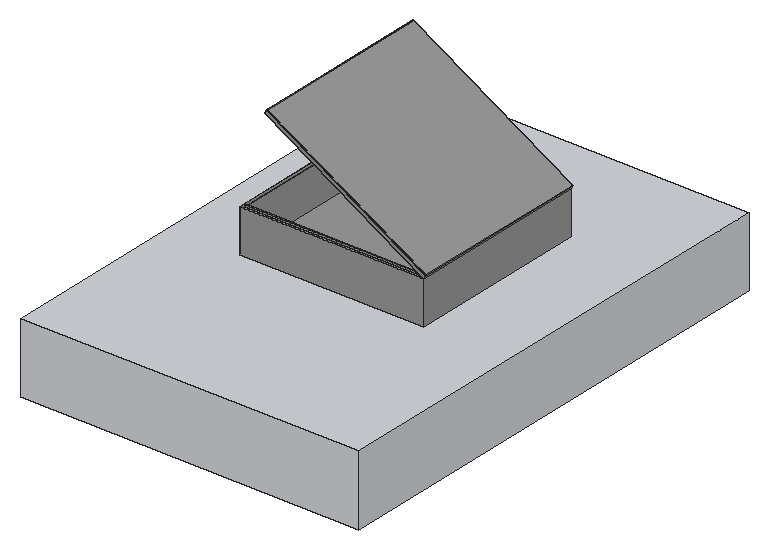
Revit family "Hager-Univers-IP54-D205-H800-Cl.II-Encl-PL-en", category Equipement électrique, Revit 2020
Family settings
  Hôte = Face
  Configuration du panneau = Deux colonnes, circuits au sein
  Cote de connecteur circulaire = Utiliser le diamètre
  Type d'élément = Tableau de raccordement
  Couper avec des vides une fois chargée = Non
  Partagée = Non
  Point de calcul de pièce = Non
Parameters (values of type "Surface mounted (plaster) IP54 W800 H800 D205  - FP53SW2")
  Width Control [instance] = if([EF000008 - Width] > Min Width, [EF000008 - Width], Min Width)  # 800 mm
  Commentaires du type = [HG000003 - Range]  # "Univers"
  Thickness Door [instance] = if([EF009171 - Material plate thickness door/cover] > 3 mm, 3 mm, [EF009171 - Material plate thickness door/cover])  # 1 mm
  Seal Frame Offset [instance] = 17 mm  # constant formula
  Plinth Visibility [instance] = [HG000027 - Plinth height] > 0 mm  # no
  Model = ""
  Min Width [instance] = 100 mm  # constant formula
  Min Height [instance] = 100 mm  # constant formula
  Min Depth [instance] = (2 * [EF009170 - Material plate thickness cabinet]) + 1 mm  # 3 mm
  Internal Frame Depth [instance] = (Door System Depth * 0.5)  # 9 mm
  Height Control [instance] = if([EF000040 - Height] > Min Height, [EF000040 - Height], Min Height)  # 800 mm
  HG000027 - Plinth height = 0 mm
  HG000026 - Floor standing = no
  HG000024 - Bottom section height = 800 mm
  HG000023 - Double section enclosure = no
  HG000016 - Door 3d visibility [instance] = yes
  HG000015 - Clearance visibility [instance] = no
  HG000014 - Door on the right [instance] = yes
  HG000013 - Door on the left [instance] = not([HG000014 - Door on the right])  # no
  HG000012 - Door swing angle [instance] = 30.00°
  HG000010 - Asymmetric doors = no
  HG000009 - Double swing door = no
  HG000006 - Flush mounted = no
  HG000004 - Manufacturer reference = "FP53SW2"
  HG000003 - Range = "Univers"
  HG000002 - With door or cover = yes
  Frame Offset Bottom [instance] = 10 mm  # constant formula
  Frame Offset [instance] = 15 mm  # constant formula
  EF015940 - Cover with overpressure release = no
  EF011959 - Degree of protection (NEMA) = ""
  EF009554 - Number of openings for flange plates = 6
  EF009212 - Cover model = "EV000116 - Closed"
  EF009171 - Material plate thickness door/cover = 1 mm
  EF009170 - Material plate thickness cabinet = 1 mm
  Fabricant = "Hager"  # constant formula
  EF008873 - Nominal current (In) = 250 A
  EF007800 - Suitable for lightning protection = no
  EF006306 - With lock = no
  EF006244 - Transparent cover/door = no
  EF005474 - Degree of protection (IP) = "EV006419 - IP54"
  EF004464 - Type of door = "EV002646 - Single"
  EF004427 - Number of modules = 180
  EF004293 - Impact strength = "EV006815 - IK09"
  EF003532 - Suitable for outdoor use = no
  EF002950 - Width in number of modular spacings = 36
  EF001613 - Circuit integrity = "EV000494 - None"
  EF001596 - Material housing = "EV000179 - Steel"
  EF001131 - Internal depth = 130 mm
  EF001088 - Extension possible = yes
  EF000437 - Number of conduit inlets = 6
  EF000339 - Type of cover = "EV004216 - Door"
  EF000266 - Number of rows = 5
  EF000218 - Built-in depth = 205 mm
  EF000118 - With mounting plate = no
  EF000116 - RAL-number = "9010"
  EF000049 - Depth = 205 mm
  EF000040 - Height = 800 mm
  EF000008 - Width = 800 mm
  EF000007 - Colour = "EV000202 - White"
  EF000003 - Mounting method = "EV000384 - Surface mounted (plaster)"
  Door System Leaf Tolerance [instance] = 1.5 mm  # constant formula
  Door System Depth [instance] = 18 mm  # constant formula
  Door Height [instance] = Height Control - [HG000027 - Plinth height]  # 800 mm
  Depth Control [instance] = if([EF000049 - Depth] > Min Depth, [EF000049 - Depth], Min Depth)  # 205 mm
  Default Elevation = 0 mm
  Connector Offset [instance] = Height Control / 2  # 400 mm
  Bottom Top Plate Trim [instance] = 1.5 mm  # constant formula
  Plinth height Ctrl [instance] = if([HG000027 - Plinth height] > 0 mm, [HG000027 - Plinth height], 12 mm)  # 12 mm
Types (5, lengths in mm): name | Width Control | HG000010 - Asymmetric doors | HG000009 - Double swing door | HG000004 - Manufacturer reference | EF009554 - Number of openings for flange plates | EF004464 - Type of door | EF004427 - Number of modules | EF002950 - Width in number of modular spacings | EF000437 - Number of conduit inlets | EF000339 - Type of cover | EF000008 - Width
  Surface mounted (plaster) IP54 W1050 H800 D205  - FP54SW2 | 1050 | no | yes | "FP54SW2" | 8 | "EV003602 - Double" | 240 | 48 | 8 | "EV004216 - Door" | 1050
  Surface mounted (plaster) IP54 W1300 H800 D205  - FP55SW2 | 1300 | yes | yes | "FP55SW2" | 10 | "EV003602 - Double" | 300 | 60 | 10 | "EV004216 - Door" | 1300
  Surface mounted (plaster) IP54 W300 H800 D205  - FP51SW2 | 300 | no | no | "FP51SW2" | 2 | "EV002646 - Single" | 60 | 12 | 2 | "EV001012 - Cover" | 300
  Surface mounted (plaster) IP54 W550 H800 D205  - FP52SW2 | 550 | no | no | "FP52SW2" | 4 | "EV002646 - Single" | 120 | 24 | 4 | "EV001012 - Cover" | 550
  Surface mounted (plaster) IP54 W800 H800 D205  - FP53SW2 | 800 | no | no | "FP53SW2" | 6 | "EV002646 - Single" | 180 | 36 | 6 | "EV004216 - Door" | 800
Reference planes
  plane 1 "Center (Front/Back)": y = 0
  plane 2: z = 0
  plane 3 "Center (Left/Right)": x = 0
  plane 4: z = 205
  plane 5: y = 1
  plane 6: y = 400
  plane 7: y = 0
  plane 8: y = 800
  plane 9: z = 0
  plane 10: x = -385
  plane 11: x = 385
  plane 12: x = 384
  plane 13: x = -384
  plane 14: y = 799
  plane 15: x = -383
  plane 16: x = -400
  plane 17: x = 383
  plane 18: x = 400
  plane 19: x = 399
  plane 20: x = -399
  plane 21: y = 11
  plane 22: y = 800
  plane 23: y = 784
  plane 24: z = 187
  plane 25: z = 1
  plane 26: z = 186
  plane 27: z = 204
Forms (mm)
  Extrusion 1, solid
    sketch origin (0, 0, 0) x (1, 0, 0) y (0, 1, 0)
      loop
        line (-702.964, 1305) -> (-702.964, -811.445) -> (766.763, -811.445) -> (766.763, 1305) -> (-702.964, 1305)
    from 0 to -304.8
  Extrusion 2, solid, material "Hager_Steel_RAL7035_Light_Grey", visible <- "Plinth Visibility", detail levels medium+fine
    sketch origin (0, 0, 0) x (1, 0, 0) y (0, 1, 0)
      loop
        line (-400, 0) -> (400, 0) -> (400, 12) -> (-400, 12) -> (-400, 0)
    from 0 to 187
  Extrusion 3, solid, material "Hager_Steel_RAL7035_Light_Grey", detail levels medium+fine
    sketch origin (0, 0, 0) x (1, 0, 0) y (0, 1, 0)
      loop
        line (-400, 0) -> (400, 0) -> (400, 800) -> (-400, 800) -> (-400, 0)
    from 0 to 187
  Extrusion 4, void
    sketch origin (0, 0, 0) x (1, 0, 0) y (0, 1, 0)
      loop
        line (-399, 1) -> (399, 1) -> (399, 799) -> (-399, 799) -> (-399, 1)
    from 1 to 186
  Extrusion 5, void
    sketch origin (-381.607, -4572, 187) x (0, -1, 0) y (-1, 0, 0)
      loop
        line (-4583, 2.393) -> (-5356, 2.393) -> (-5356, -765.607) -> (-4583, -765.607) -> (-4583, 2.393)
    from 0 to 1 <- "EF009170 - Material plate thickness cabinet"
  Extrusion 6, solid, material "Hager_Steel_RAL7035_Light_Grey", detail levels fine
    sketch origin (0, 0, 187) x (1, 0, 0) y (0, 1, 0)
      loop
        line (-384, 784) -> (-384, 11) -> (384, 11) -> (384, 784) -> (-384, 784)
      loop
        line (-385, 10) -> (385, 10) -> (385, 785) -> (-385, 785) -> (-385, 10)
    from 0 to 9 <- "Internal Frame Depth"
  Extrusion 7, solid, material "Hager_Steel_RAL7035_Light_Grey", detail levels coarse
    sketch origin (0, 0, 0) x (1, 0, 0) y (0, 1, 0)
      loop
        line (-400, 0) -> (400, 0) -> (400, 800) -> (-400, 800) -> (-400, 0)
    from 0 to 205
  Sweep 8, void
    path in 3D
      loop
        line (-400, 12, 0) -> (400, 12, 0) -> (400, 12, 187) -> (-400, 12, 187) -> (-400, 12, 0)
    profile origin (-400, 12, 93.5) x (-1, 0, 0) y (0, -1, 0)
      loop
        line (0, 0) -> (0, 1.5) -> (-1.5, 1.5)
        arc (-1.5, 1.5) -> (-1.061, 0.439) -> (0, 0) r 1.5
Cuts and joins
  Extrusion 4, Extrusion 5 cuts Extrusion 3
  Sweep 8 cuts Extrusion 2
Lines and regions (mm)
  Masking region 1
    outline origin (0, 0, 0) x (1, 0, 0) y (0, 0, 1)
      loop
        line (-400, 205) -> (-400, 0) -> (400, 0) -> (400, 205) -> (-400, 205)
  Masking region 2, detail levels medium+fine
    outline origin (0, 140, 0) x (0, 1, 0) y (0, 0, 1)
      loop
        line (-140, 0) -> (660, 0) -> (660, 187) -> (-140, 187) -> (-140, 0)
  Masking region 3, not visible, detail levels medium+fine
    outline origin (0, 297.922, 0) x (0, 1, 0) y (0, 0, 1)
      loop
        line (113.578, 0) -> (153.578, 0) -> (153.578, 194)
        arc (153.578, 194) -> (150.649, 201.071) -> (143.578, 204) r 10
        line (143.578, 204) -> (113.578, 204) -> (113.578, 0)
  Masking region 4, detail levels coarse
    outline origin (0, 0, 180) x (0, 1, 0) y (0, 0, 1)
      loop
        line (0, -180) -> (800, -180) -> (800, 25) -> (0, 25) -> (0, -180)
  Masking region 5, visible <- "Plinth Visibility", detail levels medium+fine
    outline origin (0, 52.24, 12.345) x (0, 0, -1) y (0, 1, 0)
      loop
        line (10.845, -40.24) -> (-173.155, -40.24)
        arc (-173.155, -40.24) -> (-173.594, -41.301) -> (-174.655, -41.74) r 1.5
        line (-174.655, -41.74) -> (-174.655, -52.24) -> (12.345, -52.24) -> (12.345, -41.74)
        arc (12.345, -41.74) -> (11.285, -41.301) -> (10.845, -40.24) r 1.5
  Masking region 6, detail levels medium+fine
    outline origin (-381.607, -4572, 187) x (-1, 0, 0) y (0, -1, 0)
      loop
        line (18.393, -5372) -> (18.393, -4572) -> (-781.607, -4572) -> (-781.607, -5372) -> (18.393, -5372)
  Masking region 7, visible <- "Plinth Visibility", detail levels medium+fine
    outline origin (-381.607, -4727, 187) x (-1, 0, 0) y (0, -1, 0)
      loop
        arc (16.893, -4739) -> (17.332, -4737.939) -> (18.393, -4737.5) r 1.5
        line (18.393, -4737.5) -> (18.393, -4727) -> (-781.607, -4727) -> (-781.607, -4737.5)
        arc (-781.607, -4737.5) -> (-780.546, -4737.939) -> (-780.107, -4739) r 1.5
        line (-780.107, -4739) -> (16.893, -4739)
  Masking region 8, detail levels coarse
    outline origin (-442.548, -4669.526, 187) x (-1, 0, 0) y (0, -1, 0)
      loop
        line (-42.548, -5469.526) -> (-42.548, -4669.526) -> (-842.548, -4669.526) -> (-842.548, -5469.526) -> (-42.548, -5469.526)
  sketch lines
    curve 1: line (-400, 12, 187) -> (-400, 12, 0)
    curve 2: line (400, 12, 187) -> (-400, 12, 187)
    curve 3: line (400, 12, 187) -> (400, 12, 0)
    curve 4: line (-400, 12, 0) -> (400, 12, 0)
Dimensions and locks
  "Depth Control": plane 4 to Extrusion 1
  "HG000027 - Plinth height": plane 1 "Center (Front/Back)" to plane 7
  "EF009170 - Material plate thickness cabinet": plane 5 to plane 7
  locked: connector elem to plane 3 "Center (Left/Right)"
  equal spacing: plane 8, plane 6, plane 7
  locked: connector elem to plane 6
  "EF009170 - Material plate thickness cabinet": plane 8 to plane 14
  "EF009170 - Material plate thickness cabinet": plane 10 to plane 13
  "EF009170 - Material plate thickness cabinet": plane 12 to plane 11
  "Frame Offset": plane 20 to plane 13
  "Frame Offset": plane 12 to plane 19
  "EF009170 - Material plate thickness cabinet": plane 16 to plane 20
  "EF009170 - Material plate thickness cabinet": plane 19 to plane 18
  "Seal Frame Offset": plane 16 to plane 15
  "Seal Frame Offset": plane 17 to plane 18
  "Frame Offset Bottom": plane 21 to plane 5
  "Frame Offset": plane 14 to plane 23
  equal spacing: plane 16, plane 3 "Center (Left/Right)", plane 18
  "Width Control": plane 16 to plane 18
  "EF009170 - Material plate thickness cabinet": plane 4 to plane 27
  "EF009170 - Material plate thickness cabinet": plane 24 to plane 26
  "EF009170 - Material plate thickness cabinet": plane 25 to level
  "Door System Depth": plane 4 to plane 24
  "Height Control": plane 1 "Center (Front/Back)" to Extrusion 7 sketch curve
  "Height Control": Masking region 4 sketch curve to plane 1 "Center (Front/Back)"
  "Height Control": plane 1 "Center (Front/Back)" to plane 22
  "Bottom Top Plate Trim": profile plane to Sweep 8 sketch curve
  "Bottom Top Plate Trim": Sweep 8 sketch curve to profile plane
  "Plinth height Ctrl": plane 1 "Center (Front/Back)" to Extrusion 2 sketch curve
  "Plinth height Ctrl": Masking region 5 sketch curve to plane 1 "Center (Front/Back)"
  "Plinth height Ctrl": plane 1 "Center (Front/Back)" to Masking region 7 sketch curve
  "Thickness Door": Extrusion 6 sketch curve to Extrusion 6 sketch curve  (x3)
  "Thickness Door": cut or joined group of Extrusion 3, Extrusion 4, Extrusion 5 to Extrusion 6 sketch curve
  radius of Masking region 3 sketch curve = 10 mm
  "Bottom Top Plate Trim": radius of Masking region 5 sketch curve  (x2)
  "Bottom Top Plate Trim": radius of Sweep 8 sketch curve
  "Bottom Top Plate Trim": radius of Masking region 7 sketch curve  (x2)
  aligned and locked: plane 2 to Extrusion 1
  aligned and locked: level to Extrusion 1
  aligned and locked: level to Masking region 1 sketch curve
  aligned and locked: Masking region 1 sketch curve to plane 18
  aligned and locked: Masking region 1 sketch curve to plane 16
  aligned and locked: plane 7 to Masking region 2 sketch curve
  aligned and locked: level to Masking region 3 sketch curve
  aligned and locked: Masking region 3 sketch curve to plane 27
  aligned and locked: level to Masking region 2 sketch curve
  aligned and locked: plane 1 "Center (Front/Back)" to Extrusion 2 sketch curve
  aligned and locked: Extrusion 3 sketch curve to plane 7
  aligned and locked: plane 16 to Extrusion 3 sketch curve
  aligned and locked: plane 18 to Extrusion 3 sketch curve
  aligned and locked: plane 20 to Extrusion 4 sketch curve
  aligned and locked: plane 19 to Extrusion 4 sketch curve
  aligned and locked: Extrusion 4 sketch curve to plane 5
  aligned and locked: Extrusion 4 to plane 25
  aligned and locked: plane 26 to Extrusion 4
  aligned and locked: plane 24 to Extrusion 3
  aligned and locked: Extrusion 5 sketch curve to plane 21
  aligned and locked: Extrusion 5 sketch curve to plane 13
  aligned and locked: Extrusion 5 sketch curve to plane 12
  aligned and locked: plane 18 to Extrusion 7 sketch curve
  aligned and locked: plane 1 "Center (Front/Back)" to Extrusion 7 sketch curve
  aligned and locked: plane 16 to Extrusion 7 sketch curve
  aligned and locked: plane 4 to Extrusion 7
  aligned and locked: Extrusion 7 to level
  aligned and locked: level to Masking region 4 sketch curve
  aligned and locked: Masking region 4 sketch curve to plane 1 "Center (Front/Back)"
  aligned and locked: Masking region 4 sketch curve to plane 4
  aligned and locked: nested 1 to level
  aligned and locked: nested 1 to plane 16
  aligned and locked: plane 8 to Extrusion 3 sketch curve
  aligned and locked: plane 23 to Extrusion 5 sketch curve
  aligned and locked: plane 14 to Extrusion 4 sketch curve
  aligned and locked: Masking region 2 sketch curve to plane 8
  aligned and locked: level to Masking region 5 sketch curve
  aligned and locked: plane 16 to Extrusion 2 sketch curve
  aligned and locked: plane 18 to Extrusion 2 sketch curve
  aligned and locked: Masking region 5 sketch curve to plane 24
  aligned and locked: Masking region 2 sketch curve to plane 24
  aligned and locked: plane 24 to Extrusion 2
  aligned and locked: profile plane to Sweep 8 sketch curve  (x2)
  aligned and locked: Masking region 6 sketch curve to plane 18
  aligned and locked: Masking region 6 sketch curve to plane 22
  aligned and locked: Masking region 6 sketch curve to plane 16
  aligned and locked: plane 8 to plane 22
  aligned and locked: Masking region 6 sketch curve to plane 7
  aligned and locked: Masking region 7 sketch curve to plane 16
  aligned and locked: Masking region 7 sketch curve to plane 1 "Center (Front/Back)"
  aligned and locked: Masking region 7 sketch curve to plane 18
  aligned and locked: Masking region 8 sketch curve to plane 1 "Center (Front/Back)"
  aligned and locked: Masking region 8 sketch curve to plane 18
  aligned and locked: Masking region 8 sketch curve to plane 22
  aligned and locked: Masking region 8 sketch curve to plane 16
  aligned and locked: nested 2 to plane 7
  aligned and locked: plane 3 "Center (Left/Right)" to nested 2
  aligned and locked: nested 2 to plane 24
  aligned and locked: Extrusion 6 sketch curve to cut or joined group of Extrusion 3, Extrusion 4, Extrusion 5  (x4)
Automatic sketch dimensions
  Extrusion 1 sketch curve to Extrusion 1 sketch curve = 1469.727 mm
  Extrusion 1 sketch curve to Extrusion 1 sketch curve = 2116.445 mm
  Masking region 1 sketch curve to plane 4 = 0 mm
  plane 6 to Masking region 3 sketch curve = 11.5 mm
  Masking region 3 sketch curve to Masking region 3 sketch curve = 30 mm
  Masking region 5 sketch curve to plane 1 "Center (Front/Back)" = 0 mm
Nested families
  nested 1: "Hager_Enclosure_Symbol" at (-400, 0, 0) x (1, 0, 0) z (0, -1, 0), Height <- "Depth Control", Width <- "Width Control", type "Hager_Enclosure_Symbol"
    with Width_Ctrl 800 mm, Width 800 mm, Height_Ctrl 205 mm, Height 205 mm, A_Width_Int 13.453 mm, A_Width 161.438 mm, A_Height_Ctrl 179.375 mm, A_Height 179.375 mm
  nested 2: "EC000058_Univers_Door" at (0, 0, 187) x (1, 0, 0) z (0, 1, 0), Leaf_Tolerance <- "Door System Leaf Tolerance", Angle <- "HG000012 - Door swing angle", Door_Depth <- "Door System Depth", Door_Left <- "HG000013 - Door on the left", Transparent <- "EF006244 - Transparent cover/door", Assymetrical <- "HG000010 - Asymmetric doors", Width <- "Width Control", Clearance <- "HG000015 - Clearance visibility", Double <- "HG000009 - Double swing door", 3d_Door <- "HG000016 - Door 3d visibility", Lock_Visibility <- "EF006306 - With lock", Width_Ctrl <- "Width Control", Door_Right <- "HG000014 - Door on the right", Door <- "HG000002 - With door or cover", Height <- "Door Height", Thickness <- "Thickness Door", type "EC000058_Univers_Door", detail levels medium+fine
    with min_wh 3 mm, Width_Ctrl 800 mm, Width 800 mm, Transparent no, Thickness 1 mm, Seal_Material Hager_Rubber, Lock_Visibility no, Lock_Material Hager_Plastic_RAL9005_Jet_Black, Leaf_Width 800 mm, Leaf_Tolerance_External_Sides 0 mm, Leaf_Tolerance 1.5 mm, Leaf_Offset 0 mm, Leaf_Height 797 mm, Leaf_2_Width 800 mm, Leaf_2_Offset 400 mm, Leaf_1_Width 800 mm, Leaf_1_Offset 400 mm, Height_Ctrl 800 mm, Height 800 mm, Glass_Material Hager_Glass, Double_Clearance_Ctrl no, Double no, Door_Right_Ctrl yes, Door_Right yes, Door_Material Hager_Steel_RAL7035_Light_Grey, Door_Left_Ctrl no, Door_Left no, Door_Depth 18 mm, Door yes, Clearance_Material Hager_Clearance, Clearance_Depth 800 mm, Clearance_Ctrl no, Clearance no, Assymetrical no, Angle 30.00°, 3d_Door yes
Connectors
  electrical at (0, 400, 0)
    settings: on plane 9, index 1, voltage 0 V, apparent load 0 VA, apparent load phase1 0 VA, apparent load phase2 0 VA, apparent load phase3 0 VA, power factor 1, load classification "Other", number of poles 1, system type 30, power factor state 1, is connector primary yes, connector utility no, sub classification motor no, connector description ""
Definition of nested family "EC000058_Univers_Door"
  Parameters (values of type "EC000058_Univers_Door")
    min_wh [instance] = (2 * Thickness) + 1 mm  # 11 mm
    Width_Ctrl [instance] = 400 mm
    Width [instance] = 500 mm
    Transparent [instance] = yes
    Thickness [instance] = 5 mm
    Seal_Material [instance] = none
    Lock_Visibility [instance] = yes
    Lock_Material [instance] = none
    Leaf_Width [instance] = if((Width_Ctrl - 2 * Leaf_Tolerance_External_Sides) > 0 mm, (Width_Ctrl - 2 * Leaf_Tolerance_External_Sides), min_wh)  # 400 mm
    Leaf_Tolerance_External_Sides [instance] = 0 mm  # constant formula
    Leaf_Tolerance [instance] = 1.5 mm
    Leaf_Offset [instance] = 0 mm  # constant formula
    Leaf_Height [instance] = if((Height_Ctrl - 2 * Leaf_Tolerance) > 0 mm, (Height_Ctrl - 2 * Leaf_Tolerance), min_wh)  # 497 mm
    Leaf_2_Width [instance] = if(and(and(Double, Assymetrical), Door_Left), (Leaf_Width / 3) - (Leaf_Tolerance / 2), if(and(and(Double, Assymetrical), Door_Right), (Leaf_Width / 3) * 2 - (Leaf_Tolerance / 2), if(and(Double, not(Assymetrical)), (Leaf_Width / 2) - Leaf_Tolerance, Leaf_Width)))  # 400 mm
    Leaf_2_Offset [instance] = if(and(Double, Assymetrical), Leaf_2_Width / 2, if(and(Double, not(Assymetrical)), Leaf_Width / 4, Leaf_Width / 2))  # 200 mm
    Leaf_1_Width [instance] = if(and(and(Double, Assymetrical), Door_Right), (Leaf_Width / 3) - (Leaf_Tolerance / 2), if(and(and(Double, Assymetrical), Door_Left), (Width / 3) * 2 - (Leaf_Tolerance / 2), if(and(Double, not(Assymetrical)), (Leaf_Width / 2) - Leaf_Tolerance, Leaf_Width)))  # 400 mm
    Leaf_1_Offset [instance] = if(and(Double, Assymetrical), Leaf_1_Width / 2, if(and(Double, not(Assymetrical)), Leaf_Width / 4, Leaf_Width / 2))  # 200 mm
    Height_Ctrl [instance] = if(Height > min_wh, Height, min_wh)  # 500 mm
    Height [instance] = 500 mm
    Glass_Material [instance] = none
    Double_Clearance_Ctrl [instance] = and(Double, Clearance)  # no
    Double [instance] = no
    Door_Right_Ctrl [instance] = and(or(Door_Right, Double), Door)  # yes
    Door_Right [instance] = yes
    Door_Material [instance] = none
    Door_Left_Ctrl [instance] = and(or(Door_Left, Double), Door)  # no
    Door_Left [instance] = no
    Door_Depth [instance] = 30 mm
    Door [instance] = yes
    Default Elevation = 1219.2 mm
    Clearance_Material [instance] = none
    Clearance_Depth [instance] = if(Leaf_1_Width > Leaf_2_Width, Leaf_1_Width, Leaf_2_Width)  # 400 mm
    Clearance_Ctrl [instance] = and(not(Double), Clearance)  # yes
    Clearance [instance] = yes
    Assymetrical [instance] = yes
    Angle [instance] = 30.00°
    3d_Door [instance] = yes
  Reference planes
    plane 1 "Center (Front/Back)": y = 0
    plane 2 "Bottom": z = 0
    plane 3 "Center (Left/Right)": x = 0
    plane 4: z = 500
    plane 5: x = -200
    plane 6: x = 200
    plane 7: z = 500
    plane 8: x = -200
    plane 9: z = 0
    plane 10: x = 200
    plane 11: y = 0
    plane 12: z = 1.5
    plane 13: x = -600
    plane 14: y = -400
    plane 15: x = 600
    plane 16: x = 0
    plane 17: x = 0
    plane 18: x = -200
    plane 19: x = 200
    plane 20: z = 498.5
  Forms (mm)
    Extrusion 1, solid, material <- "Clearance_Material", visible <- "Double_Clearance_Ctrl"
      sketch origin (1200, 0, 0) x (1, 0, 0) y (0, 0, -1)
        loop
          line (-1800, -498.5) -> (-600, -498.5) -> (-600, 0) -> (-1800, 0) -> (-1800, -498.5)
      from 0 to -400
  Dimensions and locks
    equal spacing: plane 5, plane 3 "Center (Left/Right)", plane 6
    "Width_Ctrl": plane 5 to plane 6
    "Leaf_Offset": plane 5 to plane 8
    "Leaf_Offset": plane 6 to plane 10
    "Leaf_Offset": plane 9 to level
    "Leaf_Offset": plane 4 to plane 7
    "Height_Ctrl": plane 4 to level
    "Leaf_Tolerance": plane 12 to plane 9
    locked: plane 11 to plane 1 "Center (Front/Back)"
    "Leaf_1_Offset": plane 18 to plane 16
    "Leaf_2_Offset": plane 17 to plane 19
    "Leaf_1_Width": plane 13 to plane 8
    "Leaf_2_Width": plane 10 to plane 15
    "Clearance_Depth": plane 14 to plane 1 "Center (Front/Back)"
    "Leaf_Tolerance_External_Sides": plane 8 to plane 18
    "Leaf_Tolerance_External_Sides": plane 19 to plane 10
    "Leaf_Tolerance": plane 7 to plane 20
    aligned and locked: level to plane 2 "Bottom"
    aligned and locked: nested 1 to plane 16
    aligned and locked: nested 2 to plane 17
    aligned and locked: Extrusion 1 to plane 13
    aligned and locked: plane 15 to Extrusion 1
    aligned and locked: Extrusion 1 to plane 14
    aligned and locked: plane 12 to nested 1
    aligned and locked: nested 2 to plane 12
    aligned and locked: Extrusion 1 to plane 11
    aligned and locked: plane 20 to Extrusion 1
    aligned and locked: nested 2 to plane 11
    aligned and locked: nested 1 to plane 11
  Automatic sketch dimensions
    Extrusion 1 sketch curve to level = 0 mm
    plane 5 to Extrusion 1 sketch curve = 400 mm
    plane 6 to Extrusion 1 sketch curve = 400 mm
    Extrusion 1 sketch curve to plane 4 = 1.5 mm
  Nested families
    nested 1: "EC000058_Univers_Door_Leaf" at (0, 0, 1.5), Width <- "Leaf_1_Width", visible <- "Door_Left_Ctrl", Leaf_Height <- "Leaf_Height", Angle <- "Angle", 3d_Door <- "3d_Door", Transparent <- "Transparent", Clearance Material <- "Clearance_Material", Clearance <- "Clearance_Ctrl", Door_Material <- "Door_Material", Glass_Material <- "Glass_Material", Door_Depth <- "Door_Depth", Lock_Material <- "Lock_Material", Seal_Material <- "Seal_Material", Lock_Visibility <- "Lock_Visibility", Thickness <- "Thickness", type "EC000058_Univers_Door_Leaf"
      with Width 400 mm, Transparent_Glass_Offset 30 mm, Transparent_Ctrl yes, Transparent yes, Thickness 5 mm, Standard no, Seal_Material none, Seal_D2 8 mm, Seal_D1 1 mm, Offset_Internal_Frame 10 mm, Lock_Width 20 mm, Lock_Visibility_3d yes, Lock_Visibility yes, Lock_Thickness_3 3 mm, Lock_Thickness_2 1 mm, Lock_Thickness_1 3 mm, Lock_Radius_Offset_2 16 mm, Lock_Radius_Offset_1 15 mm, Lock_Radius_2 5 mm, Lock_Radius 6 mm, Lock_Offset 5 mm, Lock_Material none, Lock_Height 80 mm, Lock_Cover_Top_Offset_2d 17 mm, Lock_Cover_Height -65 mm, Leaf_Height 497 mm, Internal_Seal_Thickness 8 mm, Internal_Seal_Depth_2 4.5 mm, Internal_Frame_Depth 25 mm, Glass_Thickness -1 mm, Glass_Offset -2 mm, Glass_Material none, Door_Material none, Door_Depth 30 mm, Clearance Material none, Clearance yes, Angle_Ctrl 30.00°, Angle 30.00°, 3d_Door yes
    nested 2: "EC000058_Univers_Door_Leaf" at (0, 0, 1.5) x (-1, 0, 0) z (0, 0, 1), Width <- "Leaf_2_Width", visible <- "Door_Right_Ctrl", Leaf_Height <- "Leaf_Height", Angle <- "Angle", 3d_Door <- "3d_Door", Transparent <- "Transparent", Clearance Material <- "Clearance_Material", Clearance <- "Clearance_Ctrl", Door_Material <- "Door_Material", Glass_Material <- "Glass_Material", Door_Depth <- "Door_Depth", Lock_Material <- "Lock_Material", Seal_Material <- "Seal_Material", Lock_Visibility <- "Lock_Visibility", Thickness <- "Thickness", type "EC000058_Univers_Door_Leaf"
      with Width 400 mm, Transparent_Glass_Offset 30 mm, Transparent_Ctrl yes, Transparent yes, Thickness 5 mm, Standard no, Seal_Material none, Seal_D2 8 mm, Seal_D1 1 mm, Offset_Internal_Frame 10 mm, Lock_Width 20 mm, Lock_Visibility_3d yes, Lock_Visibility yes, Lock_Thickness_3 3 mm, Lock_Thickness_2 1 mm, Lock_Thickness_1 3 mm, Lock_Radius_Offset_2 16 mm, Lock_Radius_Offset_1 15 mm, Lock_Radius_2 5 mm, Lock_Radius 6 mm, Lock_Offset 5 mm, Lock_Material none, Lock_Height 80 mm, Lock_Cover_Top_Offset_2d 17 mm, Lock_Cover_Height -65 mm, Leaf_Height 497 mm, Internal_Seal_Thickness 8 mm, Internal_Seal_Depth_2 4.5 mm, Internal_Frame_Depth 25 mm, Glass_Thickness -1 mm, Glass_Offset -2 mm, Glass_Material none, Door_Material none, Door_Depth 30 mm, Clearance Material none, Clearance yes, Angle_Ctrl 30.00°, Angle 30.00°, 3d_Door yes
  Definition of nested family "EC000058_Univers_Door_Leaf"
    Parameters (values of type "EC000058_Univers_Door_Leaf")
      Width [instance] = 2000 mm
      Transparent_Glass_Offset [instance] = 30 mm
      Transparent_Ctrl [instance] = and(Transparent, [3d_Door])  # yes
      Transparent [instance] = yes
      Thickness [instance] = 5 mm
      Standard [instance] = and(not(Transparent), [3d_Door])  # no
      Seal_Material [instance] = none
      Seal_D2 [instance] = 8 mm  # constant formula
      Seal_D1 [instance] = 1 mm  # constant formula
      Offset_Internal_Frame [instance] = 10 mm  # constant formula
      Lock_Width [instance] = 20 mm  # constant formula
      Lock_Visibility_3d [instance] = and(Lock_Visibility, [3d_Door])  # yes
      Lock_Visibility [instance] = yes
      Lock_Thickness_3 [instance] = 3 mm  # constant formula
      Lock_Thickness_2 [instance] = 1 mm  # constant formula
      Lock_Thickness_1 [instance] = 3 mm  # constant formula
      Lock_Radius_Offset_2 [instance] = Lock_Radius_Offset_1 + 1 mm  # 16 mm
      Lock_Radius_Offset_1 [instance] = 15 mm  # constant formula
      Lock_Radius_2 [instance] = Lock_Radius - 1 mm  # 5 mm
      Lock_Radius [instance] = 6 mm  # constant formula
      Lock_Offset [instance] = 5 mm  # constant formula
      Lock_Material [instance] = none
      Lock_Height [instance] = 80 mm  # constant formula
      Lock_Cover_Top_Offset_2d [instance] = Lock_Radius_Offset_2 + 1 mm  # 17 mm
      Lock_Cover_Height [instance] = -(Lock_Height - Lock_Radius_Offset_1)  # -65 mm
      Leaf_Height [instance] = 2720.336 mm
      Internal_Seal_Thickness [instance] = 8 mm  # constant formula
      Internal_Seal_Depth_2 [instance] = 4.5 mm  # constant formula
      Internal_Frame_Depth [instance] = if(Door_Depth - Thickness > 5 mm, Door_Depth - Thickness, 5 mm)  # 25 mm
      Glass_Thickness [instance] = if(Thickness > 15 mm, Glass_Offset + 10 mm, -1 mm)  # -1 mm
      Glass_Offset [instance] = if(Thickness > 15 mm, -(Thickness + 10 mm) / 2, -2 mm)  # -2 mm
      Glass_Material [instance] = none
      Door_Material [instance] = none
      Door_Depth [instance] = 30 mm
      Default Elevation = 0 mm
      Clearance Material [instance] = none
      Clearance [instance] = yes
      Angle_Ctrl [instance] = if(Angle > 180.00°, 180.00°, Angle)  # 90.00°
      Angle [instance] = 90.00°
      3d_Door [instance] = yes
    Reference planes
      plane 1 "Center (Front/Back)": y = 0
      plane 2: z = 0
      plane 3 "Center (Left/Right)": x = 0
      plane 4: y = 2000
      plane 5: x = -1000
      plane 6: x = 1000
      plane 7: x = -3000
      plane 8: z = 2720.336
      plane 9: z = 30
      plane 10: z = 2690.336
      plane 11: x = 970
      plane 12: x = -970
      plane 13: y = -3
      plane 14: z = 107.833
      plane 15: y = -5
      plane 16: y = -223.314
      plane 17: x = -1000
      plane 18: z = 1360.168
      plane 19: y = 30
    Forms (mm)
      Extrusion 1, solid, material <- "Clearance Material", visible <- "Clearance"
        sketch origin (0, 0, 0) x (1, 0, 0) y (0, 0, 1)
          loop
            line (-3000, 2720.336) -> (-3000, 0) -> (1000, 0) -> (1000, 2720.336) -> (-3000, 2720.336)
        from 0 to -2000
      Extrusion 2, solid, material <- "Door_Material", visible <- "Standard", detail levels medium+fine
        sketch origin (-1000, 0, 0) x (0, 1, 0) y (-1, 0, 0)
          loop
            line (0, 30) -> (0, 25) -> (2000, 25) -> (2000, 30) -> (0, 30)
        from 0 to 2720.336 <- "Leaf_Height"
      Extrusion 3, solid, material <- "Door_Material", visible <- "Transparent_Ctrl", detail levels medium+fine
        sketch origin (-1000, 0, 0) x (0, 1, 0) y (-1, 0, 0)
          loop
            line (0, 25) -> (2000, 25) -> (2000, 30) -> (0, 30) -> (0, 25)
        from 0 to 2720.336 <- "Leaf_Height"
      Extrusion 4, void
        sketch origin (-1025, 2000, 0) x (0, 1, 0) y (0, 0, -1)
          loop
            line (-30, -2690.336) -> (-30, -30) -> (-1970, -30) -> (-1970, -2690.336) -> (-30, -2690.336)
        from 0 to 5 <- "Thickness"
      Sweep 5, solid, material <- "Seal_Material", visible <- "Transparent_Ctrl", detail levels fine
        path in 3D
          loop
            line (-1025, 30, 30) -> (-1025, 30, 2690.336) -> (-1025, 1970, 2690.336) -> (-1025, 1970, 30) -> (-1025, 30, 30)
        profile origin (-1025, 1000, 30) x (1, 0, 0) y (0, 0, 1)
          loop
            line (0, 0) -> (0, -8) -> (1, -8) -> (1, 0) -> (0, 0)
      Extrusion 6, solid, material <- "Glass_Material", visible <- "Transparent_Ctrl", detail levels medium+fine
        sketch origin (-1030, 0, 0) x (0, 1, 0) y (0, 0, -1)
          loop
            line (1970, -2690.336) -> (1970, -30) -> (30, -30) -> (30, -2690.336) -> (1970, -2690.336)
        from -2 <- "Glass_Offset" to -1 <- "Glass_Thickness"
      Extrusion 7, solid, material <- "Door_Material", visible <- "3d_Door", detail levels medium+fine
        sketch origin (-1025, 2000, 0) x (0, -1, 0) y (0, 0, -1)
          loop
            line (0, -2720.336) -> (2000, -2720.336) -> (2000, 0) -> (0, 0) -> (0, -2720.336)
          loop
            line (1995, -5) -> (5, -5) -> (5, -2715.336) -> (1995, -2715.336) -> (1995, -5)
        from 0 to 25 <- "Internal_Frame_Depth"
      Sweep 8, solid, material <- "Seal_Material", visible <- "Transparent_Ctrl", detail levels fine
        path in 3D
          loop
            line (-1025, 0, 0) -> (-1025, 2000, 0) -> (-1025, 2000, 2720.336) -> (-1025, 0, 2720.336) -> (-1025, 0, 0)
        profile origin (-1025, 0, 1360.168) x (1, 0, 0) y (0, 1, 0)
          loop
            line (0, 10) -> (2.975, 10)
            arc (2.975, 10) -> (4.053, 10.447) -> (4.5, 11.525) r 1.525
            line (4.5, 11.525) -> (4.5, 16.527)
            arc (4.5, 16.527) -> (4.069, 17.569) -> (3.027, 18) r 1.473
            line (3.027, 18) -> (0, 18) -> (0, 10)
      Extrusion 9, solid, material <- "Lock_Material", visible <- "Lock_Visibility_3d", detail levels fine
        sketch origin (-1030, 0, 0) x (0, 1, 0) y (0, 0, -1)
          loop
            arc (1993.5, -1400.168) -> (1994.561, -1399.729) -> (1995, -1398.668) r 1.5
            line (1995, -1398.668) -> (1995, -1320.168) -> (1975, -1320.168) -> (1975, -1398.668)
            arc (1975, -1398.668) -> (1975.439, -1399.729) -> (1976.5, -1400.168) r 1.5
            line (1976.5, -1400.168) -> (1993.5, -1400.168)
        from 3 <- "Lock_Thickness_1" to 0
      Blend 10, solid, material <- "Lock_Material", visible <- "Lock_Visibility_3d", detail levels fine
        base sketch origin (-1033, 0, 0) x (0, 1, 0) y (0, 0, -1)
          loop
            line (1975, -1320.168) -> (1975, -1398.668)
            arc (1975, -1398.668) -> (1975.439, -1399.729) -> (1976.5, -1400.168) r 1.5
            line (1976.5, -1400.168) -> (1993.5, -1400.168)
            arc (1993.5, -1400.168) -> (1994.561, -1399.729) -> (1995, -1398.668) r 1.5
            line (1995, -1398.668) -> (1995, -1320.168) -> (1975, -1320.168)
        top sketch origin (-1033, 0, 0) x (0, 1, 0) y (0, 0, -1)
          loop
            line (1976, -1320.168) -> (1976, -1398.668)
            arc (1976, -1398.668) -> (1976.146, -1399.022) -> (1976.5, -1399.168) r 0.5
            line (1976.5, -1399.168) -> (1993.5, -1399.168)
            arc (1993.5, -1399.168) -> (1993.854, -1399.022) -> (1994, -1398.668) r 0.5
            line (1994, -1398.668) -> (1994, -1320.168) -> (1976, -1320.168)
        from 0 to 1 <- "Lock_Thickness_2"
      Blend 11, solid, material <- "Lock_Material", visible <- "Lock_Visibility_3d", detail levels fine
        base sketch origin (-1034, 0, 0) x (0, 1, 0) y (0, 0, -1)
          loop
            line (1978, -1320.168) -> (1978, -1384.168)
            arc (1978, -1384.168) -> (1985, -1391.168) -> (1992, -1384.168) r 7
            line (1992, -1384.168) -> (1992, -1320.168) -> (1978, -1320.168)
        top sketch origin (-1034, 0, 0) x (0, 1, 0) y (0, 0, -1)
          loop
            line (1991, -1320.168) -> (1979, -1320.168) -> (1979, -1383.168)
            arc (1979, -1383.168) -> (1985, -1389.168) -> (1991, -1383.168) r 6
            line (1991, -1383.168) -> (1991, -1320.168)
        from 0 to 3 <- "Lock_Thickness_3"
      Extrusion 12, solid, material <- "Lock_Material", visible <- "Lock_Visibility_3d", detail levels fine
        sketch origin (-1030, 1975, 1320.168) x (1, 0, 0) y (0, -1, 0)
          loop
            line (-7, -19) -> (-7, -1) -> (0, -1) -> (0, 0) -> (-8, 0) -> (-8, -20) -> (0, -20) -> (0, -19) -> (-7, -19)
        from 0 to -65 <- "Lock_Cover_Height"
      Extrusion 13, void
        sketch origin (-1038, 1995, 1320.168) x (-1, 0, 0) y (0, 0, -1)
          loop
            line (-5, -65) -> (0, -65) -> (-5, -60) -> (-5, -65)
        from 0 to 20 <- "Lock_Width"
      Extrusion 14, void
        sketch origin (-1038, 1975, 1320.168) x (0, -1, 0) y (0, 0, -1)
          loop
            circle (-10, -15.995) r 6
          loop
            circle (-10, -15.995) r 5
        from 0 to 2
      Extrusion 15, solid, material <- "Lock_Material", visible <- "Lock_Visibility_3d", detail levels medium
        sketch origin (-1030, 0, 0) x (0, 1, 0) y (0, 0, -1)
          loop
            arc (1993.5, -1400.168) -> (1994.561, -1399.729) -> (1995, -1398.668) r 1.5
            line (1995, -1398.668) -> (1995, -1320.168) -> (1975, -1320.168) -> (1975, -1398.668)
            arc (1975, -1398.668) -> (1975.439, -1399.729) -> (1976.5, -1400.168) r 1.5
            line (1976.5, -1400.168) -> (1993.5, -1400.168)
        from 8 to 0
    Cuts and joins
      Extrusion 4 cuts Extrusion 3
      Extrusion 13, Extrusion 14 cuts Extrusion 9
      Extrusion 14 cuts Blend 11
      Extrusion 13, Extrusion 14 cuts Extrusion 12
      joined: Extrusion 9, Blend 10, Blend 11, Extrusion 12
      Extrusion 14 cuts Extrusion 15
    Lines and regions (mm)
      Masking region 1, visible <- "Lock_Visibility", detail levels fine
        outline origin (0, 0, 0) x (0, 1, 0) y (0, 0, 1)
          loop
            line (30, 1320.168) -> (33, 1320.168) -> (33, 1400.168) -> (30, 1400.168) -> (30, 1320.168)
      Masking region 2, visible <- "Lock_Visibility", detail levels fine
        outline origin (0, 3.143, 0) x (0, 1, 0) y (0, 0, 1)
          loop
            line (29.857, 1354.168) -> (30.857, 1354.168) -> (30.857, 1366.168) -> (29.857, 1366.168) -> (29.857, 1354.168)
      Masking region 3, detail levels medium+fine
        outline origin (0, 0, 0) x (0, 1, 0) y (0, 0, 1)
          loop
            line (0, 0) -> (30, 0) -> (30, 2720.336) -> (0, 2720.336) -> (0, 0)
      Masking region 4, detail levels medium+fine
        outline origin (0, 0, 0) x (1, 0, 0) y (0, 0, 1)
          loop
            line (-1000, 2720.336) -> (-1000, 0) -> (1000, 0) -> (1000, 2720.336) -> (-1000, 2720.336)
      Masking region 5, visible <- "Lock_Visibility", detail levels fine
        outline origin (-47.116, 0, 0) x (1, 0, 0) y (0, 0, 1)
          loop
            arc (1024.616, 1399.168) -> (1023.556, 1398.729) -> (1023.116, 1397.668) r 1.5
            line (1023.116, 1397.668) -> (1023.116, 1320.168) -> (1041.116, 1320.168) -> (1041.116, 1397.668)
            arc (1041.116, 1397.668) -> (1040.677, 1398.729) -> (1039.616, 1399.168) r 1.5
            line (1039.616, 1399.168) -> (1024.616, 1399.168)
      Masking region 6, visible <- "Lock_Visibility", detail levels medium+fine
        outline origin (-25, 0, 0) x (1, 0, 0) y (0, 0, 1)
          loop
            arc (1001.5, 1400.168) -> (1000.439, 1399.729) -> (1000, 1398.668) r 1.5
            line (1000, 1398.668) -> (1000, 1320.168) -> (1020, 1320.168) -> (1020, 1398.668)
            arc (1020, 1398.668) -> (1019.561, 1399.729) -> (1018.5, 1400.168) r 1.5
            line (1018.5, 1400.168) -> (1001.5, 1400.168)
      Masking region 7, visible <- "Lock_Visibility", detail levels fine
        outline origin (-73.735, 0, 0) x (1, 0, 0) y (0, 0, 1)
          loop
            line (1051.735, 1382.168) -> (1065.735, 1382.168) -> (1065.735, 1384.168)
            arc (1065.735, 1384.168) -> (1058.735, 1391.168) -> (1051.735, 1384.168) r 7
            line (1051.735, 1384.168) -> (1051.735, 1382.168)
      Masking region 8, visible <- "Lock_Visibility", detail levels fine
        outline origin (-73.735, 0, 0) x (1, 0, 0) y (0, 0, 1)
          loop
            line (1052.735, 1382.168) -> (1064.735, 1382.168) -> (1064.735, 1383.168)
            arc (1064.735, 1383.168) -> (1058.735, 1389.168) -> (1052.735, 1383.168) r 6
            line (1052.735, 1383.168) -> (1052.735, 1382.168)
      Masking region 9, visible <- "Lock_Visibility", detail levels fine
        outline origin (-25, 0, 0) x (1, 0, 0) y (0, 0, 1)
          loop
            line (1020, 1320.168) -> (1020, 1382.168) -> (1000, 1382.168) -> (1000, 1320.168) -> (1020, 1320.168)
      Masking region 10, detail levels medium+fine
        outline origin (0, 0, 0) x (1, 0, 0) y (0, 0, 1)
          loop
            circle (985, 1335.144) r 6
      Masking region 11, detail levels fine
        outline origin (0, 0, 0) x (1, 0, 0) y (0, 0, 1)
          loop
            circle (985, 1335.144) r 5
      Masking region 12, visible <- "Lock_Visibility", detail levels fine
        outline origin (0, 12.767, 0) x (0, 1, 0) y (0, 0, 1)
          loop
            line (20.233, 1320.168) -> (21.233, 1320.168) -> (21.233, 1399.168) -> (20.233, 1400.168) -> (20.233, 1320.168)
      Masking region 13, visible <- "Lock_Visibility", detail levels fine
        outline origin (0, 13.767, -10) x (0, 1, 0) y (0, 0, 1)
          loop
            line (20.233, 1330.168) -> (23.233, 1330.168) -> (23.233, 1399.168) -> (20.233, 1402.168) -> (20.233, 1330.168)
      Masking region 14, visible <- "Lock_Visibility", detail levels fine
        outline origin (0, 12.767, -10) x (0, 1, 0) y (0, 0, 1)
          loop
            line (20.233, 1330.168) -> (25.233, 1330.168) -> (25.233, 1399.305) -> (20.233, 1394.305) -> (20.233, 1330.168)
      Masking region 15, visible <- "Lock_Visibility", detail levels medium
        outline origin (0, 0, 0) x (0, 1, 0) y (0, 0, 1)
          loop
            line (30, 1320.168) -> (38, 1320.168) -> (38, 1400.168) -> (30, 1400.168) -> (30, 1320.168)
      Masking region 16, visible <- "Lock_Visibility", detail levels fine
        outline origin (-1000, 0, 0) x (0, 1, 0) y (-1, 0, 0)
          loop
            line (1975, 30) -> (1995, 30) -> (1995, 38) -> (1975, 38) -> (1975, 30)
          loop
            line (1979, 37) -> (1976, 37) -> (1976, 34) -> (1978, 34) -> (1979, 37)
          loop
            line (1994, 37) -> (1991, 37) -> (1992, 34) -> (1994, 34) -> (1994, 37)
      Masking region 17, visible <- "Lock_Visibility", detail levels medium
        outline origin (-1000, 0, 0) x (0, 1, 0) y (-1, 0, 0)
          loop
            line (1975, 30) -> (1995, 30) -> (1995, 38) -> (1975, 38) -> (1975, 30)
      symbolic lines
        curve 1: line (1000, 0, 0) -> (-3000, 0, 0)
        curve 2: arc (1000, 0, 0) -> (-1000, 2000, 0) -> (-3000, 0, 0) r 2000
        curve 4: line (-1030, 0, 0) -> (-1030, 2000, 0)
      reference lines
        curve 3: line (-1000, 0, 0) -> (-1000, 2000, 0)
      symbolic lines, detail levels medium+fine
        curve 5: line (-1030, 2000, 0) -> (-1025, 2000, 0)
        curve 7: line (-1025, 0, 0) -> (-1030, 0, 0)
        curve 8: line (-1025, 0, 0) -> (-1000, 0, 0)
        curve 9: line (-1000, 0, 0) -> (-1000, 2000, 0)
        curve 10: line (-1000, 2000, 0) -> (-1025, 2000, 0)
      symbolic lines, detail levels fine
        curve 6: line (-1025, 2000, 0) -> (-1025, 0, 0)
      sketch lines
        curve 11: line (-1025, 0, 2720.336) -> (-1025, 0, 0)
        curve 12: line (-1025, 2000, 0) -> (-1025, 0, 0)
        curve 13: line (-1025, 2000, 2720.336) -> (-1025, 2000, 0)
        curve 14: line (-1025, 0, 2720.336) -> (-1025, 2000, 2720.336)
        curve 15: line (-1025, 1970, 30) -> (-1025, 30, 30)
        curve 16: line (-1025, 30, 30) -> (-1025, 30, 2690.336)
        curve 17: line (-1025, 1970, 2690.336) -> (-1025, 1970, 30)
        curve 18: line (-1025, 30, 2690.336) -> (-1025, 1970, 2690.336)
      symbolic lines, visible <- "Transparent", detail levels medium+fine
        curve 19: line (-970, 0, 2690.336) -> (970, 0, 2690.336)
        curve 20: line (-970, 0, 30) -> (-970, 0, 2690.336)
        curve 21: line (970, 0, 30) -> (-970, 0, 30)
        curve 22: line (970, 0, 2690.336) -> (970, 0, 30)
    Dimensions and locks
      "Width": plane 1 "Center (Front/Back)" to plane 4
      equal spacing: plane 5, plane 3 "Center (Left/Right)", plane 6
      "Width": plane 5 to plane 6
      "Width": plane 7 to plane 5
      "Leaf_Height": plane 8 to level
      "Width": curve 5 to curve 3
      "Width": curve 3 to curve 3
      plane 8 to plane 10 = 30 mm
      plane 9 to level = 30 mm
      plane 12 to plane 5 = 30 mm
      plane 6 to plane 11 = 30 mm
      Extrusion 1 to Extrusion 4 sketch curve = 30 mm
      "Transparent_Glass_Offset": curve 3 to Extrusion 4 sketch curve
      "Transparent_Glass_Offset": Extrusion 4 sketch curve to cut or joined group of Extrusion 3, Extrusion 4  (x2)
      cut or joined group of Extrusion 3, Extrusion 4 to Extrusion 6 sketch curve = 30 mm
      "Transparent_Glass_Offset": cut or joined group of Extrusion 3, Extrusion 4 to Extrusion 4 sketch curve
      "Thickness": curve 6 to curve 4
      "Thickness": Extrusion 7 sketch curve to Extrusion 7 sketch curve  (x4)
      "Door_Depth": curve 4 to curve 3
      "Offset_Internal_Frame": profile plane to Sweep 8 sketch curve
      "Internal_Seal_Thickness": Sweep 8 sketch curve to Sweep 8 sketch curve
      "Internal_Seal_Depth_2": profile plane to Sweep 8 sketch curve
      "Seal_D1": profile plane to Sweep 5 sketch curve
      "Seal_D2": profile plane to Sweep 5 sketch curve
      "Thickness": Extrusion 2 sketch curve to Extrusion 2 sketch curve
      equal spacing: Extrusion 9 sketch curve, plane 18, Extrusion 9 sketch curve  (x2)
      equal spacing: Masking region 1 sketch curve, plane 18, Masking region 1 sketch curve
      "Lock_Height": Masking region 1 sketch curve to Masking region 1 sketch curve
      "Lock_Radius": Masking region 2 sketch curve to plane 18 to Masking region 2 sketch curve
      Masking region 2 sketch curve to Masking region 1 = 1 mm
      "Door_Depth": plane 19 to plane 1 "Center (Front/Back)"
      "Lock_Thickness_1": Masking region 1 sketch curve to plane 19
      "Lock_Width": Extrusion 9 sketch curve to Extrusion 9 sketch curve
      "Lock_Height": Extrusion 9 sketch curve to Extrusion 9 sketch curve
      "Lock_Offset": cut or joined group of Extrusion 3, Extrusion 4 to Extrusion 9 sketch curve
      equal spacing: plane 8, plane 18, level
      "Lock_Radius_Offset_1": Blend 11 sketch curve to Blend 10
      locked: Blend 10 to Blend 11 sketch curve at 2  (x2)
      locked: var sketch to Blend 11 sketch curve at 1  (x2)
      "Lock_Radius_Offset_2": Blend 11 sketch curve to Blend 10
      locked: Extrusion 12 sketch curve to Extrusion 12 sketch curve at 1  (x3)
      Masking region 6 sketch curve to Masking region 6 sketch curve = 80 mm
      "Lock_Height": Masking region 6 sketch curve to Masking region 6 sketch curve
      "Lock_Width": Masking region 6 sketch curve to Masking region 6 sketch curve
      locked: Masking region 6 to Masking region 5 sketch curve at 1  (x3)
      locked: Masking region 5 to Masking region 7 sketch curve at 2  (x2)
      "Lock_Radius_Offset_1": Masking region 5 to Masking region 7 sketch curve
      "Lock_Radius_Offset_2": Masking region 5 to Masking region 8 sketch curve
      locked: Masking region 7 to Masking region 8 sketch curve at 1  (x2)
      "Lock_Cover_Top_Offset_2d": Masking region 5 to Masking region 9 sketch curve
      equal spacing: Masking region 9, Masking region 10 sketch curve, Masking region 9
      equal spacing: Masking region 9, Masking region 11 sketch curve, Masking region 9
      Extrusion 15 sketch curve to Extrusion 15 sketch curve = 80 mm
      "Lock_Width": Extrusion 15 sketch curve to Extrusion 15 sketch curve
      "Lock_Height": Extrusion 15 sketch curve to Extrusion 15 sketch curve
      equal spacing: Extrusion 15 sketch curve, plane 18, Extrusion 15 sketch curve
      "Lock_Thickness_3": Masking region 13 sketch curve to Masking region 13 sketch curve
      "Lock_Height": Masking region 12 sketch curve to Masking region 12 sketch curve
      locked: Masking region 13 sketch curve to Masking region 1 at 8
      locked: Masking region 14 sketch curve to Masking region 13 at 1
      locked: Masking region 14 sketch curve to Masking region 1 at 10.863
      "Lock_Height": Masking region 15 sketch curve to Masking region 15 sketch curve
      "Lock_Offset": Extrusion 15 sketch curve to cut or joined group of Extrusion 3, Extrusion 4
      "Lock_Offset": plane 6 to Masking region 6 sketch curve
      radius of Sweep 8 sketch curve = 1.525 mm
      radius of Sweep 8 sketch curve = 1.473 mm
      radius of Extrusion 9 sketch curve = 1.5 mm  (x2)
      "Lock_Radius": radius of Extrusion 14 sketch curve
      "Lock_Radius_2": radius of Extrusion 14 sketch curve
      "Lock_Radius": radius of Masking region 10 sketch curve
      "Lock_Radius_2": radius of Masking region 11 sketch curve
      radius of Extrusion 15 sketch curve = 1.5 mm  (x2)
      "Angle_Ctrl": angle plane 1 "Center (Front/Back)" to curve 3
      locked: Masking region 12 sketch curve to Masking region 12 sketch curve (angle 45.00°)
      locked: Masking region 13 sketch curve to Masking region 13 sketch curve (angle 45.00°)
      locked: Masking region 14 sketch curve to Masking region 14 sketch curve (angle 45.00°)
      aligned and locked: level to plane 2
      aligned and locked: Extrusion 1 to curve 1
      aligned and locked: plane 6 to Extrusion 1
      aligned and locked: Extrusion 1 to plane 1 "Center (Front/Back)"
      aligned and locked: plane 4 to Extrusion 1
      aligned and locked: plane 8 to Extrusion 1
      aligned and locked: curve 7 to Extrusion 2 sketch curve
      aligned and locked: curve 5 to Extrusion 2 sketch curve
      aligned and locked: curve 7 to Extrusion 3 sketch curve
      aligned and locked: Extrusion 3 sketch curve to curve 4
      aligned and locked: Extrusion 3 sketch curve to curve 6
      aligned and locked: Extrusion 3 sketch curve to curve 5
      aligned and locked: curve 9 to curve 3
      aligned and locked: Extrusion 7 sketch curve to cut or joined group of Extrusion 3, Extrusion 4  (x4)
      aligned and locked: plane 17 to curve 3
      aligned and locked: plane 1 "Center (Front/Back)" to curve 3
      aligned and locked: plane 17 to plane 5
      aligned and locked: Sweep 8 sketch curve to profile plane
      aligned and locked: Sweep 5 sketch curve to profile plane  (x2)
      aligned and locked: Masking region 1 to Masking region 2 sketch curve
      aligned and locked: plane 19 to Masking region 1 sketch curve
      aligned and locked: plane 1 "Center (Front/Back)" to Masking region 3 sketch curve
      aligned and locked: plane 19 to Masking region 3 sketch curve
      aligned and locked: level to Masking region 3 sketch curve
      aligned and locked: Masking region 3 sketch curve to plane 8
      aligned and locked: plane 17 to Masking region 4 sketch curve
      aligned and locked: level to Masking region 4 sketch curve
      aligned and locked: Masking region 4 sketch curve to plane 8
      aligned and locked: plane 12 to curve 20
      aligned and locked: plane 10 to curve 19
      aligned and locked: plane 11 to curve 22
      aligned and locked: curve 21 to plane 9
      aligned and locked: Extrusion 2 sketch curve to cut or joined group of Extrusion 3, Extrusion 4
      aligned and locked: Blend 10 sketch curve to Extrusion 9  (x4)
      aligned and locked: Extrusion 9 to Blend 10 sketch curve
      aligned and locked: Blend 10 to Blend 11 sketch curve
      aligned and locked: Extrusion 12 sketch curve to Blend 11
      aligned and locked: Extrusion 12 sketch curve to Extrusion 9  (x4)
      aligned and locked: Masking region 5 sketch curve to Masking region 6
      aligned and locked: Masking region 9 sketch curve to Masking region 6  (x3)
      aligned and locked: Masking region 12 sketch curve to Masking region 1
      aligned and locked: Masking region 13 sketch curve to Masking region 1
      aligned and locked: Masking region 12 to Masking region 14
      aligned and locked: Masking region 14 sketch curve to Masking region 1
      aligned and locked: Masking region 15 sketch curve to Masking region 14
      aligned and locked: Masking region 13 sketch curve to Masking region 12
      aligned and locked: Masking region 16 sketch curve to cut or joined group of Extrusion 14, Extrusion 15  (x4)
      aligned and locked: Masking region 16 sketch curve to cut or joined group of Extrusion 9, Blend 10, Blend 11, Extrusion 12, Extrusion 13, Extrusion 14  (x6)
      aligned and locked: cut or joined group of Extrusion 9, Blend 10, Blend 11, Extrusion 12, Extrusion 13, Extrusion 14 to Masking region 16 sketch curve
      aligned and locked: Masking region 17 sketch curve to cut or joined group of Extrusion 14, Extrusion 15  (x3)
      aligned and locked: Masking region 17 sketch curve to cut or joined group of Extrusion 9, Blend 10, Blend 11, Extrusion 12, Extrusion 13, Extrusion 14
      aligned and locked: Masking region 9 to Masking region 8 sketch curve
      aligned and locked: Masking region 9 to Masking region 7 sketch curve
    Automatic sketch dimensions
      plane 1 "Center (Front/Back)" to curve 2 = 0 mm
      curve 2 to plane 5 = 0 mm
      Extrusion 1 sketch curve to level = 0 mm
      Extrusion 1 sketch curve to plane 7 = 0 mm
      Extrusion 1 sketch curve to plane 6 = 0 mm
      Extrusion 1 sketch curve to plane 8 = 0 mm
      Extrusion 3 to Extrusion 6 sketch curve = 30 mm  (x4)
      Masking region 4 sketch curve to plane 6 = 0 mm
      Blend 10 sketch curve to Extrusion 9 = 1.5 mm
      Blend 10 sketch curve to Extrusion 9 = 1 mm
      Extrusion 13 sketch curve to Extrusion 12 = 0 mm  (x2)
      Extrusion 12 to Extrusion 13 sketch curve = 3 mm
      Extrusion 13 sketch curve to Extrusion 12 = 5 mm
      Extrusion 14 sketch curve to Extrusion 14 sketch curve = 0 mm  (x2)
      Extrusion 14 sketch curve to Extrusion 12 = 10 mm
      Extrusion 14 sketch curve to Extrusion 12 = 15.995 mm
      Masking region 5 sketch curve to Masking region 5 sketch curve = 1.5 mm  (x2)
      Masking region 10 sketch curve to plane 18 = 25.024 mm
      Masking region 11 sketch curve to plane 18 = 25.024 mm
      plane 19 to Masking region 14 sketch curve = 3 mm
      Masking region 16 sketch curve to Masking region 16 sketch curve = 3 mm
      curve 4 to curve 3 = 0 mm
      Blend 10 to Blend 11 sketch curve = 0 mm
      Masking region 6 sketch curve to Masking region 6 sketch curve = 1.5 mm  (x2)
      Masking region 6 sketch curve to plane 18 = 40 mm
      plane 19 to Masking region 12 sketch curve = 3 mm
      Masking region 12 sketch curve to Masking region 12 sketch curve = 1 mm
      Masking region 15 sketch curve to plane 19 = 0 mm
      Masking region 15 sketch curve to plane 18 = 40 mm
      radius of Blend 10 sketch curve to Extrusion 9 = 1 mm
Definition of nested family "Hager_Enclosure_Symbol"
  Parameters (values of type "Hager_Enclosure_Symbol")
    Width_Ctrl [instance] = if(Width > 1 mm, Width, 1 mm)  # 102.27 mm
    Width [instance] = 102.27 mm
    Height_Ctrl [instance] = if(Height > 1 mm, Height, 1 mm)  # 66.5 mm
    A_Width_Int [instance] = if(A_Width / 12 > 2 mm, A_Width / 12, 2 mm)  # 4.364 mm
    A_Width [instance] = if(A_Height_Ctrl * 0.9 > 2 mm, A_Height_Ctrl * 0.9, 2 mm)  # 52.369 mm
    A_Height_Ctrl [instance] = if(A_Height > 2 mm, A_Height, 2 mm)  # 58.188 mm
    Height [instance] = 66.5 mm
    A_Height [instance] = Height - (Height / 8)  # 58.188 mm
  Reference planes
    plane 1 "Centre (avant/arrière)": y = 0
    plane 2: z = 0
    plane 3 "Centre (gauche/droite)": x = 0
    plane 4: x = 52.369
    plane 5: y = 33.042
    plane 6: y = 41.77
    plane 7: y = 66.5
    plane 8: x = 26.184
    plane 9: y = 37.406
    plane 10: x = 102.27
    plane 11: y = 66.5
    plane 12: y = 8.313
  Lines and regions (mm)
    Filled region 1, type "Solid_Black", in view "Niveau de réf."
      outline origin (0, 0, 0) x (1, 0, 0) y (0, 1, 0)
        loop
          line (52.369, 66.5) -> (33.188, 54.536) -> (45.365, 45.006) -> (52.369, 66.5)
    Filled region 2, type "Solid_Black", in view "Niveau de réf."
      outline origin (0, 0, 0) x (1, 0, 0) y (0, 1, 0)
        loop
          line (0, 0) -> (102.27, 0) -> (102.27, 66.5) -> (0, 0)
    detail lines, in view "Niveau de réf."
      curve 1: line (0, 8.313, 0) -> (26.184, 41.77, 0)
      curve 2: line (26.184, 41.77, 0) -> (26.184, 33.042, 0)
      curve 3: line (26.184, 33.042, 0) -> (52.369, 66.5, 0)
  Dimensions and locks
    "A_Width": plane 3 "Centre (gauche/droite)" to plane 4
    equal spacing: plane 3 "Centre (gauche/droite)", plane 8, plane 4
    equal spacing: plane 6, plane 9, plane 5
    equal spacing: curve 3, Filled region 1 sketch curve, Filled region 1 sketch curve
    "Height_Ctrl": plane 1 "Centre (avant/arrière)" to plane 11
    "A_Height_Ctrl": plane 11 to plane 12
    equal spacing: plane 11, plane 9, plane 12
    "A_Width_Int": plane 6 to plane 9
    "Width_Ctrl": plane 3 "Centre (gauche/droite)" to plane 10
    angle Filled region 1 sketch curve to curve 3 = 20.00°
    angle curve 3 to Filled region 1 sketch curve = 20.00°
    locked: curve 3 to Filled region 1 sketch curve (angle 90.00°)
    aligned and locked: plane 10 to Filled region 2
    aligned and locked: plane 11 to Filled region 2 sketch curve
    aligned and locked: plane 10 to Filled region 2 sketch curve
    aligned and locked: plane 3 "Centre (gauche/droite)" to curve 1
    aligned and locked: plane 12 to curve 1
    aligned and locked: plane 7 to plane 11
  Automatic sketch dimensions
    Filled region 1 sketch curve to plane 4 = 0 mm
    Filled region 1 sketch curve to plane 7 = 0 mm
    plane 1 "Centre (avant/arrière)" to Filled region 2 sketch curve = 0 mm
    Filled region 2 sketch curve to plane 3 "Centre (gauche/droite)" = 0 mm
    curve 2 to plane 6 = 0 mm
    curve 2 to plane 8 = 0 mm
    curve 3 to plane 4 = 0 mm
    curve 2 to plane 5 = 0 mm
    curve 3 to plane 7 = 0 mm
